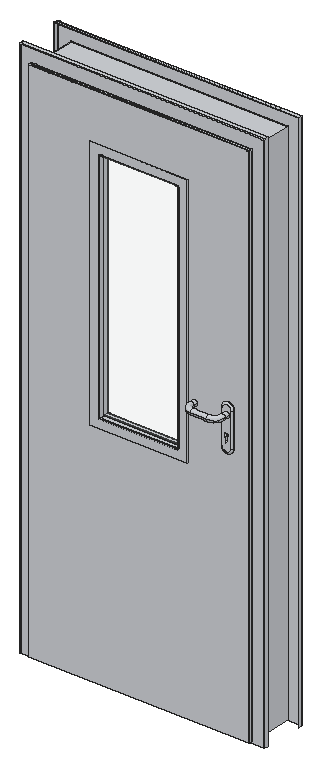
Revit family "Metalowe_1_ość-PS_metal", category Drzwi, Revit 2016
Family settings
  Obiekt nadrzędny = Ściana
  Numer OmniClass = 23.30.10.00
  Tytuł OmniClass = Doors
  Zawsze pionowo = Tak
  Tnij formami wycięć po wczytaniu = Nie
  Współdzielony = Nie
  Punkt obliczania pomieszczeń = Nie
Parameters (values of type "80")
  Zakres szerokości ściany [instance] = (if(and(Grubość ściany > 94 mm, Grubość ściany < 121 mm), "A", if(and(Grubość ściany > 120 mm, Grubość ściany < 146 mm), "B", (if(and(Grubość ściany > 145 mm, Grubość ściany < 171 mm), "C", (if(and(Grubość ściany > 170 mm, Grubość ściany < 196 mm), "D", (if(and(Grubość ściany > 195 mm, Grubość ściany < 221 mm), "E", (if(and(Grubość ściany > 220 mm, Grubość ściany < 246 mm), "F", (if(and(Grubość ściany > 245 mm, Grubość ściany < 271 mm), "G", (if(and(Grubość ściany > 270 mm, Grubość ściany < 296 mm), "H", "BRAK")))))))))))))))  # "C"
  Wysokość brutto = 2070 mm
  Szerokość skrzydła = 844 mm
  Szerokość brutto = 900 mm
  Producent = "PORTA KMI Poland"  # constant formula
  Model = "Metalowe z ramką 1"
  Materiał szklenie = Szkło
  Materiał skrzydło = none
  Materiał ramka = none
  Materiał ościeżnica = none
  Materiał klamka = none
  Konstrukcja analityczna = "<Brak>"
  Informacja = "Własność Porta KMI Poland, wszelkie prawa zastrzeżone."  # constant formula
  Grubość ściany [instance] = 150 mm
  Funkcja = Wewnętrzna
  Wysokość = 2016 mm
  Zakończenie ściany = Wg obiektu nadrzędnego
  Szerokość = 796 mm
  URL = "www.porta.com.pl"
Types (3, lengths in mm): name | Szerokość skrzydła | Szerokość brutto | Szerokość
  90 | 944 | 1000 | 896
  80 | 844 | 900 | 796
  100 | 1044 | 1100 | 996
Reference planes
  plane 1: y = 0
  plane 2 "Środek (Lewa/Prawa)": x = 0
  plane 3 "Lewy": x = -450
  plane 4 "Prawy": x = 450
  plane 5: z = 2070
  plane 6 "Zewnętrzna": y = 75
  plane 7 "Wewnętrzna": y = -75
  plane 8: x = -398
  plane 9: x = 398
  plane 10: z = 177
  plane 11: z = 1877
  plane 12: y = -105
  plane 13: y = -949
Forms (mm)
  Sweep 1, solid, material <- "Materiał ościeżnica"
    path in 3D
      loop
        line (-450, -75, 0) -> (-450, -75, 2070) -> (450, -75, 2070) -> (450, -75, 0)
    profile origin (-450, -75, 1035) x (0, -1, 0) y (1, 0, 0)
      loop
        arc (-75.005, 40) -> (-74.126, 37.879) -> (-72.005, 37) r 3
        line (-72.005, 37) -> (-67.005, 37) -> (-67.005, 38.506) -> (-72.005, 38.506)
        arc (-72.005, 38.506) -> (-73.065, 38.946) -> (-73.505, 40.007) r 1.5
        line (-73.505, 40.007) -> (-73.505, 48.993)
        arc (-73.505, 48.993) -> (-73.065, 50.054) -> (-72.005, 50.493) r 1.5
        line (-72.005, 50.493) -> (-16.255, 50.5)
        arc (-16.255, 50.5) -> (-15.505, 49.75) -> (-16.255, 49) r 0.75
        line (-16.255, 49) -> (-22.685, 49.83)
        arc (-22.685, 49.83) -> (-24.656, 49.228) -> (-25.505, 47.35) r 2.5
        line (-25.505, 47.35) -> (-25.505, 38)
        arc (-25.505, 38) -> (-24.773, 36.232) -> (-23.005, 35.5) r 2.5
        line (-23.005, 35.5) -> (12.5, 35.5)
        arc (12.5, 35.5) -> (13.207, 35.207) -> (13.5, 34.5) r 1
        line (13.5, 34.5) -> (13.5, -15.5)
        arc (13.5, -15.5) -> (13.207, -16.207) -> (12.5, -16.5) r 1
        line (12.5, -16.5) -> (0, -16.5) -> (0, -18) -> (12.5, -18)
        arc (12.5, -18) -> (14.268, -17.268) -> (15, -15.5) r 2.5
        line (15, -15.5) -> (15, 34.5)
        arc (15, 34.5) -> (14.268, 36.268) -> (12.5, 37) r 2.5
        line (12.5, 37) -> (-23.005, 37)
        arc (-23.005, 37) -> (-23.712, 37.293) -> (-24.005, 38) r 1
        line (-24.005, 38) -> (-24.005, 47.422)
        arc (-24.005, 47.422) -> (-23.662, 48.175) -> (-22.868, 48.412) r 1
        line (-22.868, 48.412) -> (-16.255, 47.5)
        arc (-16.255, 47.5) -> (-14.005, 49.75) -> (-16.255, 52) r 2.25
        line (-16.255, 52) -> (-72.005, 52)
        arc (-72.005, 52) -> (-74.126, 51.121) -> (-75.005, 49) r 3
        line (-75.005, 49) -> (-75.005, 40)
  Sweep 2, solid, material <- "Materiał ościeżnica"
    path in 3D
      loop
        line (450, 75, 0) -> (450, 75, 2070) -> (-450, 75, 2070) -> (-450, 75, 0)
    profile origin (-450, 75, 1035) x (1, 0, 0) y (0, 1, 0)
      loop
        line (35.5, 12.5) -> (35.5, -115.995) -> (37, -115.995) -> (37, 12.5)
        arc (37, 12.5) -> (36.268, 14.268) -> (34.5, 15) r 2.5
        line (34.5, 15) -> (-15.5, 15)
        arc (-15.5, 15) -> (-17.268, 14.268) -> (-18, 12.5) r 2.5
        line (-18, 12.5) -> (-18, 0) -> (-16.5, 0) -> (-16.5, 12.5)
        arc (-16.5, 12.5) -> (-16.207, 13.207) -> (-15.5, 13.5) r 1
        line (-15.5, 13.5) -> (34.5, 13.5)
        arc (34.5, 13.5) -> (35.207, 13.207) -> (35.5, 12.5) r 1
Lines and regions (mm)
  Opening 1
    outline origin (-3050, -75, 0) x (1, 0, 0) y (0, 0, 1)
      loop
        line (2600, 0) -> (3500, 0) -> (3500, 2070) -> (2600, 2070) -> (2600, 0)
  symbolic lines, style "Ugięcie elewacji"
    curve 1: line (450, -75, 1035) -> (-740.25, -75, 2070)
    curve 2: line (450, -75, 1035) -> (-450, -75, 0)
    curve 3: line (-450, 75, 0) -> (450, 75, 1035)
    curve 4: line (450, 75, 1035) -> (-450, 75, 1817.609)
  sketch lines
    curve 5: line (-450, -75, 0) -> (-450, -75, 2070)
    curve 6: line (-450, -75, 2070) -> (450, -75, 2070)
    curve 7: line (450, -75, 2070) -> (450, -75, 0)
    curve 8: line (-450, 75, 2070) -> (-450, 75, 0)
    curve 9: line (450, 75, 2070) -> (-450, 75, 2070)
    curve 10: line (450, 75, 0) -> (450, 75, 2070)
  symbolic lines
    curve 11: line (-398, -105, 0) -> (-398, -949, 0)
    curve 12: line (-438, -105, 0) -> (-398, -105, 0)
    curve 13: line (-438, -949, 0) -> (-398, -949, 0)
    curve 14: line (-438, -949, 0) -> (-438, -105, 0)
    curve 15: arc (-398, -949, 0) -> (183.465, -693.493, 0) -> (422.341, -105, 0) r 844.341
Text (mm)
  text "Zewnętrzna" at (-2295.016, 1099.543, 0), in view "Poziom odniesienia"
  text "Zewnętrzna" at (0, 1615.38, 3698.081), in view "Lewy"
  text "Zewnętrzna" at (0, 1036.032, 3874.932), in view "Prawy"
Dimensions and locks
  equal spacing: plane 3 "Lewy", plane 2 "Środek (Lewa/Prawa)", plane 4 "Prawy"
  "Szerokość brutto": plane 3 "Lewy" to plane 4 "Prawy"
  "Wysokość brutto": plane 5 to host wall
  equal spacing: host wall, curve 2, plane 5
  equal spacing: host wall, curve 4, plane 5
  locked: plane 6 "Zewnętrzna" to host wall at 0
  locked: plane 7 "Wewnętrzna" to host wall
  equal spacing: plane 8, plane 2 "Środek (Lewa/Prawa)", plane 9
  "Szerokość": plane 8 to plane 9
  locked: level to plane 10 at 177
  level to plane 11 = 1877 mm
  locked: plane 7 "Wewnętrzna" to Sweep 2 sketch curve at 34.005
  "Grubość ściany": host wall to host wall
  locked: plane 12 to plane 7 "Wewnętrzna" at 30
  "Szerokość skrzydła": plane 12 to plane 13
  locked: curve 14 to plane 8 at 40
  aligned and locked: plane 3 "Lewy" to Opening 1 sketch curve
  aligned and locked: plane 5 to Opening 1 sketch curve  (x2)
  aligned and locked: Opening 1 sketch curve to plane 4 "Prawy"
  aligned and locked: Opening 1 sketch curve to level
  aligned and locked: plane 5 to curve 1
  aligned and locked: plane 3 "Lewy" to curve 2
  aligned and locked: plane 1 to host wall
  aligned and locked: nested 1 to plane 12
  aligned and locked: plane 2 "Środek (Lewa/Prawa)" to nested 1
  aligned and locked: curve 11 to plane 8
  aligned and locked: curve 12 to plane 12
  aligned and locked: curve 13 to plane 13
Automatic sketch dimensions
  curve 4 to plane 3 "Lewy" = 0 mm
  curve 3 to level = 0 mm
  curve 2 to level = 0 mm
  curve 3 to plane 3 "Lewy" = 0 mm
  curve 3 to plane 4 "Prawy" = 0 mm
  curve 2 to plane 4 "Prawy" = 0 mm
  Sweep 1 sketch curve to Sweep 1 sketch curve = 0 mm  (x21)
  Sweep 1 sketch curve to Sweep 1 sketch curve = 1.5 mm  (x5)
  Sweep 1 sketch curve to Sweep 1 sketch curve = 5 mm
  Sweep 1 sketch curve to Sweep 1 sketch curve = 1 mm  (x4)
  Sweep 1 sketch curve to Sweep 1 sketch curve = 0.137 mm
  Sweep 1 sketch curve to Sweep 1 sketch curve = 0.183 mm
  Sweep 1 sketch curve to Sweep 1 sketch curve = 6.43 mm
  Sweep 1 sketch curve to Sweep 1 sketch curve = 23.005 mm
  Sweep 1 sketch curve to Sweep 1 sketch curve = 12.5 mm
  Sweep 1 sketch curve to Sweep 1 sketch curve = 28.755 mm
  Sweep 1 sketch curve to Sweep 1 sketch curve = 1.494 mm
  Sweep 1 sketch curve to Sweep 1 sketch curve = 0.001 mm
  Sweep 1 sketch curve to Sweep 1 sketch curve = 9.35 mm
  Sweep 1 sketch curve to Sweep 1 sketch curve = 0.071 mm
  Sweep 1 sketch curve to Sweep 1 sketch curve = 0.912 mm
  Sweep 1 sketch curve to Sweep 1 sketch curve = 8.987 mm
  Sweep 1 sketch curve to Sweep 1 sketch curve = 0.007 mm
  Sweep 1 sketch curve to Sweep 1 sketch curve = 41.5 mm
  Sweep 1 sketch curve to Sweep 1 sketch curve = 50 mm
  profile plane to Sweep 1 sketch curve = 75.005 mm
  Sweep 1 sketch curve to profile plane = 18 mm
  Sweep 2 sketch curve to Sweep 2 sketch curve = 0 mm  (x4)
  Sweep 2 sketch curve to profile plane = 12.5 mm
  Sweep 2 sketch curve to profile plane = 18 mm
  Sweep 2 sketch curve to Sweep 2 sketch curve = 1.5 mm
  Sweep 2 sketch curve to Sweep 2 sketch curve = 1 mm  (x2)
  Sweep 2 sketch curve to Sweep 2 sketch curve = 50 mm
  Sweep 2 sketch curve to Sweep 2 sketch curve = 12.5 mm
  curve 15 to plane 12 = 0 mm
  curve 12 to curve 15 = 16 mm
Nested families
  nested 1: "skrzydło" at (0, -105, 8) x (-1, 0, 0) z (0, 0, 1), type "skrzydło"
Definition of nested family "skrzydło"
  Parameters
    Wysokość = 2030 mm
    Szerokość = 844 mm
    Materiał szklenie = none
    Materiał ramka = none
    Materiał klamka = none
    Materiał = none
  Reference planes
    plane 1 "Środek (Przód/Tył)": y = 0
    plane 2: z = 0
    plane 3 "Środek (Lewa/Prawa)": x = 0
    plane 4: z = 2030
    plane 5: x = -422
    plane 6: x = 422
    plane 7: y = 40
    plane 8: x = -342.4
    plane 9: z = 1102
    plane 10: z = 912.5
    plane 11: z = 1815.5
    plane 12: x = -151.5
    plane 13: x = 151.5
    plane 14: y = 20
  Forms (mm)
    Extrusion 1, solid, material <- "Materiał"
      sketch origin (0, 0, 0) x (1, 0, 0) y (0, 0, 1)
        loop
          line (-422, 2030) -> (-422, 0) -> (422, 0) -> (422, 2030) -> (-422, 2030)
      from 0 to -40
    Extrusion 2, void
      sketch origin (0, 0, 0) x (1, 0, 0) y (0, 0, 1)
        loop
          line (-151.5, 912.5) -> (151.5, 912.5) -> (151.5, 1815.5) -> (-151.5, 1815.5) -> (-151.5, 912.5)
      from 0 to -67
    Sweep 3, solid, material <- "Materiał ramka"
      path in 3D
        loop
          line (-151.5, 0, 1815.5) -> (151.5, 0, 1815.5) -> (151.5, 0, 912.5) -> (-151.5, 0, 912.5) -> (-151.5, 0, 1815.5)
      profile origin (-151.5, 0, 1364) x (0, -1, 0) y (1, 0, 0)
        loop
          line (-18, 1.5) -> (-18, 0.5) -> (-1, 0.5)
          arc (-1, 0.5) -> (-0.293, 0.207) -> (0, -0.5) r 1
          line (0, -0.5) -> (0, -34.5) -> (1, -34.5) -> (1, -0.5)
          arc (1, -0.5) -> (0.414, 0.914) -> (-1, 1.5) r 2
          line (-1, 1.5) -> (-18, 1.5)
    Sweep 4, solid, material <- "Materiał ramka"
      path in 3D
        loop
          line (151.5, 40, 1815.5) -> (-151.5, 40, 1815.5) -> (-151.5, 40, 912.5) -> (151.5, 40, 912.5) -> (151.5, 40, 1815.5)
      profile origin (151.5, 40, 1364) x (0, 1, 0) y (-1, 0, 0)
        loop
          line (-18, 1.5) -> (-18, 0.5) -> (-1, 0.5)
          arc (-1, 0.5) -> (-0.293, 0.207) -> (0, -0.5) r 1
          line (0, -0.5) -> (0, -34.5) -> (1, -34.5) -> (1, -0.5)
          arc (1, -0.5) -> (0.414, 0.914) -> (-1, 1.5) r 2
          line (-1, 1.5) -> (-18, 1.5)
    Extrusion 5, solid, material <- "Materiał szklenie"
      sketch origin (-541.705, 20, 1200) x (-1, 0, 0) y (0, 0, 1)
        loop
          line (-390.205, 615.5) -> (-693.205, 615.5) -> (-693.205, -287.5) -> (-390.205, -287.5) -> (-390.205, 615.5)
      from -2 to 2
    Sweep 6, void
      path in 3D
        loop
          line (422, 0, 0) -> (422, 0, 2030) -> (-422, 0, 2030) -> (-422, 0, 0)
      profile origin (-422, 0, 1015) x (-1, 0, 0) y (0, -1, 0)
        loop
          line (0, -1.6) -> (0, -12.4)
          arc (0, -12.4) -> (-0.469, -13.531) -> (-1.6, -14) r 1.6
          line (-1.6, -14) -> (-13, -14) -> (-13, -38.4)
          arc (-13, -38.4) -> (-13.469, -39.531) -> (-14.6, -40) r 1.6
          line (-14.6, -40) -> (3.4, -40) -> (3.4, 0) -> (-1.6, 0)
          arc (-1.6, 0) -> (-0.469, -0.469) -> (0, -1.6) r 1.6
  Cuts and joins
    Extrusion 2, Sweep 6 cuts Extrusion 1
  Lines and regions (mm)
    sketch lines
      curve 1: line (-151.5, 0, 912.5) -> (-151.5, 0, 1815.5)
      curve 2: line (-151.5, 0, 1815.5) -> (151.5, 0, 1815.5)
      curve 3: line (151.5, 0, 912.5) -> (-151.5, 0, 912.5)
      curve 4: line (151.5, 0, 1815.5) -> (151.5, 0, 912.5)
      curve 5: line (151.5, 40, 912.5) -> (151.5, 40, 1815.5)
      curve 6: line (-151.5, 40, 912.5) -> (151.5, 40, 912.5)
      curve 7: line (-151.5, 40, 1815.5) -> (-151.5, 40, 912.5)
      curve 8: line (151.5, 40, 1815.5) -> (-151.5, 40, 1815.5)
      curve 9: line (-422, 0, 2030) -> (-422, 0, 0)
      curve 10: line (422, 0, 2030) -> (-422, 0, 2030)
      curve 11: line (422, 0, 0) -> (422, 0, 2030)
  Dimensions and locks
    "Wysokość": plane 4 to level
    equal spacing: plane 6, plane 3 "Środek (Lewa/Prawa)", plane 5
    "Szerokość": plane 6 to plane 5
    locked: plane 1 "Środek (Przód/Tył)" to plane 7 at 40
    locked: plane 9 to level at 1102
    locked: plane 10 to level at 912.5
    locked: plane 11 to plane 10 at 903
    equal spacing: plane 1 "Środek (Przód/Tył)", plane 14, plane 7
    locked: plane 13 to plane 3 "Środek (Lewa/Prawa)" at 151.5
    locked: plane 3 "Środek (Lewa/Prawa)" to plane 12 at 151.5
    aligned and locked: level to plane 2
    aligned and locked: Extrusion 1 sketch curve to level
    aligned and locked: nested 2 to plane 8
    aligned and locked: plane 8 to nested 1
    aligned and locked: plane 7 to nested 2
    aligned and locked: plane 1 "Środek (Przód/Tył)" to nested 1
    aligned and locked: plane 9 to nested 1
    aligned and locked: nested 2 to plane 9
    aligned and locked: Extrusion 2 sketch curve to plane 10
    aligned and locked: Extrusion 2 sketch curve to plane 11
    aligned and locked: Extrusion 2 sketch curve to plane 12
    aligned and locked: Extrusion 2 sketch curve to plane 13
    aligned and locked: Extrusion 5 sketch curve to plane 11
    aligned and locked: Extrusion 5 sketch curve to plane 10
    aligned and locked: Extrusion 5 sketch curve to plane 13
    aligned and locked: cut or joined group of Extrusion 1, Extrusion 2, Sweep 6 to plane 7
    aligned and locked: Extrusion 1 sketch curve to plane 5
    aligned and locked: Extrusion 1 sketch curve to plane 4
    aligned and locked: plane 6 to Extrusion 1 sketch curve
  Automatic sketch dimensions
    Sweep 6 sketch curve to profile plane = 0 mm  (x2)
    Sweep 6 sketch curve to Sweep 6 sketch curve = 1.6 mm  (x2)
    Sweep 6 sketch curve to profile plane = 1.6 mm
    Sweep 6 sketch curve to profile plane = 13 mm
    profile plane to Sweep 6 sketch curve = 3.4 mm
    Sweep 6 sketch curve to Sweep 6 sketch curve = 10.8 mm
    Sweep 6 sketch curve to Sweep 6 sketch curve = 24.4 mm
    Sweep 3 sketch curve to Sweep 3 sketch curve = 0 mm  (x2)
    Sweep 3 sketch curve to profile plane = 0 mm
    profile plane to Sweep 3 sketch curve = 1 mm
    profile plane to Sweep 3 sketch curve = 1.5 mm
    Sweep 3 sketch curve to Sweep 3 sketch curve = 17 mm
    Sweep 3 sketch curve to profile plane = 0.5 mm
    Sweep 3 sketch curve to Sweep 3 sketch curve = 34 mm
    Extrusion 5 sketch curve to plane 12 = 0 mm
    Sweep 4 sketch curve to Sweep 4 sketch curve = 0 mm  (x2)
    profile plane to Sweep 4 sketch curve = 0 mm
    profile plane to Sweep 4 sketch curve = 0.5 mm
    Sweep 4 sketch curve to Sweep 4 sketch curve = 17 mm
    Sweep 4 sketch curve to Sweep 4 sketch curve = 1 mm
    Sweep 4 sketch curve to profile plane = 0.5 mm
    Sweep 4 sketch curve to Sweep 4 sketch curve = 34 mm
  Nested families
    nested 1: "klamka" at (-342.4, 0, 1102), type "klamka"
    nested 2: "klamka" at (-342.4, 40, 1102), type "klamka"
  Definition of nested family "klamka"
    Parameters
      Materiał = none
    Reference planes
      plane 1 "Środek (Przód/Tył)": y = 0
      plane 2: z = 0
      plane 3 "Środek (Lewa/Prawa)": x = 0
    Forms (mm)
      Extrusion 1, solid, material <- "Materiał"
        sketch origin (0, 0, 0) x (1, 0, 0) y (0, 0, 1)
          loop
            arc (5.25, -79) -> (0, -63.25) -> (-5.25, -79) r 8.75
            line (-5.25, -79) -> (-5.25, -92)
            arc (-5.25, -92) -> (0, -97.25) -> (5.25, -92) r 5.25
            line (5.25, -92) -> (5.25, -79)
          loop
            arc (-22.5, -112) -> (0, -134.5) -> (22.5, -112) r 22.5
            line (22.5, -112) -> (22.5, 18)
            arc (22.5, 18) -> (0, 40.5) -> (-22.5, 18) r 22.5
            line (-22.5, 18) -> (-22.5, -112)
        from 0 to 8
      Sweep 2, void
        path in 3D
          loop
            arc (-22.5, -8, -112) -> (0, -8, -134.5) -> (22.5, -8, -112) r 22.5
            line (22.5, -8, -112) -> (22.5, -8, 18)
            arc (22.5, -8, 18) -> (0, -8, 40.5) -> (-22.5, -8, 18) r 22.5
            line (-22.5, -8, 18) -> (-22.5, -8, -112)
        profile origin (-22.5, -8, -47) x (-1, 0, 0) y (0, -1, 0)
          loop
            arc (-5, 0) -> (-1.464, -1.464) -> (0, -5) r 5
            line (0, -5) -> (0, 0) -> (-5, 0)
      Sweep 3, solid, material <- "Materiał"
        path origin (0, 0, 0) x (1, 0, 0) y (0, 1, 0)
          loop
            line (0, -8) -> (0, -28)
            arc (0, -28) -> (8.787, -49.213) -> (30, -58) r 30
            line (30, -58) -> (90, -58)
            arc (90, -58) -> (111.213, -49.213) -> (120, -28) r 30
            line (120, -28) -> (120, -13)
        profile origin (0, -18, 0) x (1, 0, 0) y (0, 0, 1)
          loop
            circle (0, 0) r 10
    Cuts and joins
      Sweep 2 cuts Extrusion 1
    Lines and regions (mm)
      sketch lines
        curve 1: line (-22.5, -8, 18) -> (-22.5, -8, -112)
        curve 2: arc (-22.5, -8, 18) -> (0, -8, 40.5) -> (22.5, -8, 18) r 22.5
        curve 3: line (22.5, -8, -112) -> (22.5, -8, 18)
        curve 4: arc (22.5, -8, -112) -> (0, -8, -134.5) -> (-22.5, -8, -112) r 22.5
    Dimensions and locks
      aligned and locked: level to plane 2
      aligned and locked: Extrusion 1 to Sweep 2 sketch curve
      aligned and locked: profile plane to Sweep 2 sketch curve
